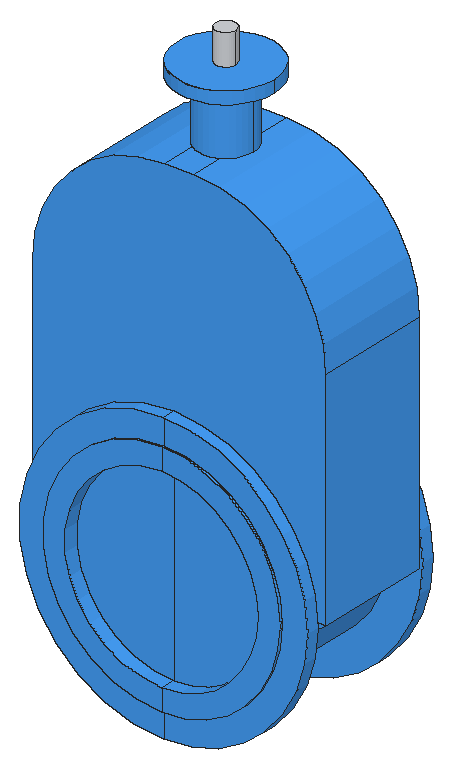
Revit family "ЗК РАШВОРК арт.102", category Арматура трубопроводов, Revit 2021
Family settings
  Размер круглого соединителя = Использовать диаметр
  Тип детали = Нормальный
  На основе рабочей плоскости = Нет
  Всегда вертикально = Да
  При загрузке вырезать с полостями = Нет
  Общий = Нет
Parameters (values of type "Задвижка с обрезиненным клином РАШВОРК 102-350-10, DN350, PN10, корпус GGG50, клин - GGG50, уплотнение - EPDM, Ф/Ф, ISO5211, с голым штоком")
  Отметка по умолчанию = 0 mm
  Корпус = GGG40
  Длина = 341.992 mm
  Высота = L / 2  # 145 mm
  f = 4 mm
  V1 = 530 mm
  URL = "https://rwru.ru/"
  L2 = 100 mm
  L1 = 210 mm
  L = 290 mm
  HH = 22 mm
  H2 = 60 mm
  H11 = 645 mm
  H1 = 775 mm
  H = 830 mm
  G = 429 mm
  DNсоединителя = 350 mm
  DN(D) = 36 mm
  DN = 350 mm
  D1 = 198 mm
  D(ISO) = 175 mm
  D = 520 mm
  B = 26.5 mm
  ADSK_Примечание = ""
  ADSK_Наименование краткое = "102-350-10"
  ADSK_Наименование = "Задвижка с обрезиненным клином РАШВОРК 102-350-10, DN350, PN10, корпус GGG50, клин - GGG50, уплотнение - EPDM, Ф/Ф, ISO5211, с голым штоком"
  ADSK_Масса = 228
  ADSK_Код изделия = ""
  ADSK_Завод-изготовитель = "ООО ТД \"РАШВОРК\""
  ADSK_Единица измерения = "шт"
Types (12, lengths in mm): name | Высота | f | V1 | L2 | L1 | L | HH | H11 | H1 | H | G | DNсоединителя | DN(D) | DN | D1 | D(ISO) | D | B | ADSK_Наименование краткое | ADSK_Наименование | ADSK_Масса
  (no name) | 145 | 4 | 530 | 100 | 210 | 290 | 22 | 645 | 775 | 830 | 429 | 350 | 36 | 350 | 198 | 175 | 520 | 26.5 | "102-350-10" | "Задвижка с обрезиненным клином РАШВОРК 102-350-10, DN350, PN10, корпус GGG50, клин - GGG50, уплотнение - EPDM, Ф/Ф, ISO5211, с голым штоком" | 228
  Задвижка с обрезиненным клином РАШВОРК 102-200-10, DN200, PN10, корпус GGG50, клин - GGG50, уплотнение - EPDM, Ф/Ф, ISO5211, с голым штоком | 115 | 3 | 310 | 100 | 150 | 230 | 22 | 320 | 408 | 469 | 266 | 200 | 30 | 200 | 110 | 175 | 340 | 20 | "102-200-10" | "Задвижка с обрезиненным клином РАШВОРК 102-200-10, DN200, PN10, корпус GGG50, клин - GGG50, уплотнение - EPDM, Ф/Ф, ISO5211, с голым штоком" | 55
  Задвижка с обрезиненным клином РАШВОРК 102-250-10, DN250, PN10, корпус GGG50, клин - GGG50, уплотнение - EPDM, Ф/Ф, ISO5211, с голым штоком | 125 | 3 | 370 | 100 | 170 | 250 | 22 | 390 | 497 | 558 | 319 | 250 | 30 | 250 | 125 | 175 | 405 | 22 | "102-250-10" | "Задвижка с обрезиненным клином РАШВОРК 102-250-10, DN250, PN10, корпус GGG50, клин - GGG50, уплотнение - EPDM, Ф/Ф, ISO5211, с голым штоком" | 80
  Задвижка с обрезиненным клином РАШВОРК 102-300-10, DN300, PN10, корпус GGG50, клин - GGG50, уплотнение - EPDM, Ф/Ф, ISO5211, с голым штоком | 135 | 4 | 410 | 100 | 170 | 270 | 22 | 480 | 584 | 645 | 370 | 300 | 30 | 300 | 164 | 175 | 460 | 24.5 | "102-300-10" | "Задвижка с обрезиненным клином РАШВОРК 102-300-10, DN300, PN10, корпус GGG50, клин - GGG50, уплотнение - EPDM, Ф/Ф, ISO5211, с голым штоком" | 111
  Задвижка с обрезиненным клином РАШВОРК 102-350-10, DN350, PN10, корпус GGG50, клин - GGG50, уплотнение - EPDM, Ф/Ф, ISO5211, с голым штоком | 145 | 4 | 530 | 100 | 210 | 290 | 22 | 645 | 775 | 830 | 429 | 350 | 36 | 350 | 198 | 175 | 520 | 26.5 | "102-350-10" | "Задвижка с обрезиненным клином РАШВОРК 102-350-10, DN350, PN10, корпус GGG50, клин - GGG50, уплотнение - EPDM, Ф/Ф, ISO5211, с голым штоком" | 228
  Задвижка с обрезиненным клином РАШВОРК 102-400-10, DN400, PN10, корпус GGG50, клин - GGG50, уплотнение - EPDM, Ф/Ф, ISO5211, с голым штоком | 155 | 4 | 595 | 100 | 210 | 310 | 28 | 692 | 842 | 897 | 480 | 400 | 36 | 400 | 220 | 175 | 580 | 28 | "102-400-10" | "Задвижка с обрезиненным клином РАШВОРК 102-400-10, DN400, PN10, корпус GGG50, клин - GGG50, уплотнение - EPDM, Ф/Ф, ISO5211, с голым штоком" | 257
  Задвижка с обрезиненным клином РАШВОРК 102-500-10, DN500, PN10, корпус GGG50, клин - GGG50, уплотнение - EPDM, Ф/Ф, ISO5211, с голым штоком | 175 | 4 | 700 | 130 | 284 | 350 | 26 | 920 | 1024 | 1084 | 582 | 500 | 40 | 500 | 275 | 210 | 715 | 31.5 | "102-500-10" | "Задвижка с обрезиненным клином РАШВОРК 102-500-10, DN500, PN10, корпус GGG50, клин - GGG50, уплотнение - EPDM, Ф/Ф, ISO5211, с голым штоком" | 387
  Задвижка с обрезиненным клином РАШВОРК 102-600-10, DN600, PN10, корпус GGG50, клин - GGG50, уплотнение - EPDM, Ф/Ф, ISO5211, с голым штоком | 195 | 5 | 775 | 130 | 312 | 390 | 26 | 1035 | 1177 | 1237 | 682 | 600 | 40 | 600 | 300 | 210 | 780 | 36 | "102-600-10" | "Задвижка с обрезиненным клином РАШВОРК 102-600-10, DN600, PN10, корпус GGG50, клин - GGG50, уплотнение - EPDM, Ф/Ф, ISO5211, с голым штоком" | 484
  Задвижка с обрезиненным клином РАШВОРК 102-700-10, DN700, PN10, корпус GGG50, клин - GGG50, уплотнение - EPDM, Ф/Ф, ISO5211, с голым штоком | 215 | 5 | 970 | 200 | 312 | 430 | 25 | 1290 | 1468 | 1532 | 794 | 700 | 60 | 700 | 380 | 300 | 910 | 39.5 | "102-700-10" | "Задвижка с обрезиненным клином РАШВОРК 102-700-10, DN700, PN10, корпус GGG50, клин - GGG50, уплотнение - EPDM, Ф/Ф, ISO5211, с голым штоком" | 820.4
  Задвижка с обрезиненным клином РАШВОРК 102-800-10, DN800, PN10, корпус GGG50, клин - GGG50, уплотнение - EPDM, Ф/Ф, ISO5211, с голым штоком | 235 | 5 | 1050 | 200 | 330 | 470 | 25 | 1470 | 1640 | 1705 | 901 | 800 | 65 | 800 | 430 | 300 | 1025 | 43 | "102-800-10" | "Задвижка с обрезиненным клином РАШВОРК 102-800-10, DN800, PN10, корпус GGG50, клин - GGG50, уплотнение - EPDM, Ф/Ф, ISO5211, с голым штоком" | 1130.4
  Задвижка с обрезиненным клином РАШВОРК 102-900-10, DN900, PN10, корпус GGG50, клин - GGG50, уплотнение - EPDM, Ф/Ф, ISO5211, с голым штоком | 255 | 5 | 1100 | 200 | 360 | 510 | 25 | 1580 | 1735 | 1800 | 1005 | 900 | 70 | 900 | 460 | 300 | 1125 | 46.5 | "102-900-10" | "Задвижка с обрезиненным клином РАШВОРК 102-900-10, DN900, PN10, корпус GGG50, клин - GGG50, уплотнение - EPDM, Ф/Ф, ISO5211, с голым штоком" | 1580.4
  Задвижка с обрезиненным клином РАШВОРК 102-1000-10, DN1000, PN10, корпус GGG50, клин - GGG50, уплотнение - EPDM, Ф/Ф, ISO5211, с голым штоком | 275 | 5 | 1260 | 200 | 382 | 550 | 25 | 1700 | 1853 | 1918 | 1112 | 1000 | 75 | 1000 | 500 | 300 | 1255 | 50 | "102-1000-10" | "Задвижка с обрезиненным клином РАШВОРК 102-1000-10, DN1000, PN10, корпус GGG50, клин - GGG50, уплотнение - EPDM, Ф/Ф, ISO5211, с голым штоком" | 2980.4
Reference planes
  plane 1 "По центру (Вперед/Назад)": y = 28.789
  plane 2: z = 0
  plane 3 "По центру (Влево/Вправо)": x = 0
  plane 4: y = 173.789
  plane 5: y = -116.211
  plane 6: z = 260
  plane 7: z = 214.5
  plane 8: z = 175
  plane 9: z = -175
  plane 10: z = -260
  plane 11: y = 147.289
  plane 12: y = 169.789
  plane 13: z = 198
  plane 14: y = 133.789
  plane 15: y = -76.211
  plane 16: z = 645
  plane 17: x = 265
  plane 18: x = -265
  plane 19: z = -214.5
  plane 20: z = -198
  plane 21: z = 775
  plane 22: z = 272
  plane 23: z = 753
  plane 24: y = 403.513
  plane 25: y = -495
  plane 26: z = 0
  plane 27: z = -72.5
  plane 28: z = 72.5
  plane 29: y = 173.789
  plane 30: y = -116.211
  plane 31: z = 830
Forms (mm)
  Revolve 1, solid, material "GGG40" <- "Корпус", detail levels fine
    sketch origin (0, 0, 0) x (0, 1, 0) y (0, 0, 1)
      loop
        line (173.789, 175) -> (173.789, 214.5) -> (169.789, 214.5) -> (169.789, 260) -> (147.289, 260) -> (147.289, 175) -> (173.789, 175)
      axis (173.789, 0) -> (147.289, 0)
    angle from 0 to 360
  Revolve 2, solid, material "GGG40" <- "Корпус", detail levels fine
    sketch origin (0, 0, 0) x (0, -1, 0) y (0, 0, -1)
      loop
        line (116.211, -175) -> (89.711, -175) -> (89.711, -260) -> (112.211, -260) -> (112.211, -214.5) -> (116.211, -214.5) -> (116.211, -175)
      axis (116.211, 0) -> (89.711, 0)
    angle from 0 to 360
  Revolve 3, solid, material "GGG40" <- "Корпус", detail levels fine
    sketch origin (0, 0, 0) x (0, 1, 0) y (0, 0, 1)
      loop
        line (147.289, 198) -> (-89.711, 198) -> (-89.711, 0) -> (147.289, 0) -> (147.289, 198)
      axis (147.289, 0) -> (-89.711, 0)
    angle from 0 to 360
  Extrusion 4, solid, material "GGG40" <- "Корпус", detail levels fine
    sketch origin (0, 28.789, 0) x (1, 0, 0) y (0, 0, 1)
      loop
        line (26, 645) -> (-26, 645)
        arc (-26, 645) -> (-194.999, 574.999) -> (-265, 406) r 239
        line (-265, 406) -> (-265, 0) -> (265, 0) -> (265, 406)
        arc (265, 406) -> (194.999, 574.999) -> (26, 645) r 239
    from -105 to 105
  Extrusion 5, solid, material "GGG40" <- "Корпус", detail levels fine
    sketch origin (0, 28.789, 0) x (1, 0, 0) y (0, 0, 1)
      loop
        line (265, 0) -> (-265, 0) -> (0, -198) -> (265, 0)
    from -105 to 105
  Extrusion 6, solid, material "GGG40" <- "Корпус", detail levels fine
    sketch origin (0, 0, 0) x (1, 0, 0) y (0, 1, 0)
      loop
        circle (0, 28.789) r 50
    from 645 to 753
  Extrusion 7, solid, material "GGG40" <- "Корпус", detail levels fine
    sketch origin (0, 0, 0) x (1, 0, 0) y (0, 1, 0)
      loop
        circle (0, 28.789) r 87.5
    from 753 to 775
  Extrusion 8, solid, detail levels fine
    sketch origin (0, 0, 0) x (1, 0, 0) y (0, 1, 0)
      loop
        circle (0, 28.789) r 18
    from 775 to 830
Lines and regions (mm)
  model lines, detail levels coarse+medium
    curve 1: line (0, 173.789, 72.5) -> (0, 28.789, 0)
    curve 2: line (0, 28.789, 0) -> (0, 173.789, -72.5)
    curve 3: line (0, 173.789, -72.5) -> (0, 173.789, 72.5)
    curve 4: line (0, -116.211, 72.5) -> (0, 28.789, 0)
    curve 5: line (0, 28.789, 0) -> (0, -116.211, -72.5)
    curve 6: line (0, -116.211, -72.5) -> (0, -116.211, 72.5)
    curve 7: line (0, 28.789, -72.5) -> (0, 28.789, 72.5)
Dimensions and locks
  equal spacing: plane 4, plane 1 "По центру (Вперед/Назад)", plane 5
  "L": plane 4 to plane 5
  equal spacing: plane 8, level, plane 9
  "DN": plane 8 to plane 9
  plane 7 to level = 214.5 mm
  equal spacing: plane 6, level, plane 10
  "D": plane 6 to plane 10
  "B": plane 4 to plane 11
  "f": plane 4 to plane 12
  "D1": plane 13 to level
  equal spacing: plane 14, plane 1 "По центру (Вперед/Назад)", plane 15
  "L1": plane 14 to plane 15
  "H11": plane 16 to level
  equal spacing: plane 18, plane 3 "По центру (Влево/Вправо)", plane 17
  "V1": plane 18 to plane 17
  "D1": plane 20 to level
  "H1": plane 21 to level
  "HH": plane 21 to plane 23
  equal spacing: plane 7, level, plane 19
  "G": plane 7 to plane 19
  "f": Revolve 2 to plane 5
  "B": Revolve 2 to plane 5
  equal spacing: plane 28, plane 26, plane 27
  "Высота": plane 28 to plane 27
  equal spacing: plane 29, plane 1 "По центру (Вперед/Назад)", plane 30
  "L": plane 29 to plane 30
  "H": plane 31 to level
  "L2": diameter of Extrusion 6 sketch curve
  "D(ISO)": diameter of Extrusion 7 sketch curve
  "DN(D)": diameter of Extrusion 8 sketch curve
  aligned and locked: level to plane 2
  aligned and locked: level to Revolve 1 sketch curve
  aligned and locked: Revolve 3 sketch curve to plane 13
  aligned and locked: Revolve 3 sketch curve to plane 11
  aligned and locked: Revolve 3 sketch curve to level
  aligned and locked: Revolve 2 to Revolve 3 sketch curve
  aligned and locked: plane 16 to Extrusion 4 sketch curve
  aligned and locked: Extrusion 4 sketch curve to plane 17
  aligned and locked: Extrusion 4 sketch curve to plane 2
  aligned and locked: Extrusion 4 sketch curve to plane 18
  aligned and locked: Extrusion 4 to plane 14
  aligned and locked: plane 15 to Extrusion 4
  aligned and locked: level to Extrusion 5 sketch curve
  aligned and locked: plane 20 to Extrusion 5 sketch curve
  aligned and locked: Extrusion 5 to plane 14
  aligned and locked: Extrusion 5 to plane 15
  aligned and locked: plane 3 "По центру (Влево/Вправо)" to Extrusion 6 sketch curve
  aligned and locked: plane 1 "По центру (Вперед/Назад)" to Extrusion 6 sketch curve
  aligned and locked: Extrusion 6 to plane 16
  aligned and locked: plane 23 to Extrusion 6
  aligned and locked: Revolve 2 sketch curve to plane 7
  aligned and locked: level to Extrusion 5
  aligned and locked: plane 27 to curve 2
  aligned and locked: plane 1 "По центру (Вперед/Назад)" to curve 2
  aligned and locked: curve 3 to plane 29
  aligned and locked: level to plane 26
  aligned and locked: plane 1 "По центру (Вперед/Назад)" to curve 7
  aligned and locked: level to curve 5
  aligned and locked: curve 1 to Extrusion 7 sketch curve
  aligned and locked: plane 1 "По центру (Вперед/Назад)" to Extrusion 7 sketch curve
  aligned and locked: plane 23 to Extrusion 7
  aligned and locked: plane 21 to Extrusion 7
  aligned and locked: curve 1 to Extrusion 8 sketch curve
  aligned and locked: plane 1 "По центру (Вперед/Назад)" to Extrusion 8 sketch curve
  aligned and locked: Extrusion 8 to plane 21
  aligned and locked: plane 31 to Extrusion 8
Automatic sketch dimensions
  Revolve 1 sketch curve to plane 8 = 0 mm
  Revolve 1 sketch curve to plane 11 = 0 mm
  Revolve 1 sketch curve to plane 6 = 0 mm
  Revolve 1 sketch curve to plane 12 = 0 mm
  Revolve 1 sketch curve to plane 4 = 0 mm
  Revolve 1 sketch curve to plane 7 = 0 mm
  plane 5 to Revolve 1 sketch curve = 180 mm
  Revolve 1 sketch curve to plane 4 = 60 mm
  Extrusion 4 sketch curve to plane 3 "По центру (Влево/Вправо)" = 26 mm
  plane 3 "По центру (Влево/Вправо)" to Extrusion 4 sketch curve = 26 mm
  plane 18 to Extrusion 5 sketch curve = 0 mm
  Extrusion 5 sketch curve to plane 3 "По центру (Влево/Вправо)" = 0 mm
  plane 17 to Extrusion 5 sketch curve = 0 mm
  Revolve 2 sketch curve to level = 0 mm
  Revolve 2 sketch curve to plane 8 = 0 mm
  Revolve 2 sketch curve to plane 6 = 0 mm
  Revolve 2 sketch curve to plane 5 = 0 mm
  Revolve 2 sketch curve to plane 5 = 4 mm
  plane 15 to Revolve 2 sketch curve = 13.5 mm
  Revolve 2 sketch curve to plane 29 = 26.211 mm
  plane 5 to Revolve 2 sketch curve = 60 mm
  Revolve 3 sketch curve to level = 0 mm
  Revolve 3 sketch curve to plane 30 = 14.789 mm
  Revolve 3 sketch curve to plane 4 = 76 mm
  curve 6 to plane 27 = 0 mm
  curve 6 to plane 30 = 0 mm
  curve 1 to plane 28 = 0 mm
  curve 6 to plane 28 = 0 mm
  curve 7 to plane 28 = 0 mm
  curve 7 to plane 27 = 0 mm
Connectors
  piping at (0, -116.211, 0), diameter 350, driven by "DNсоединителя"
    settings: on Revolve 2, index 1, connector inside diameter 609.6 mm, connector length 0 mm, flow factor 0, pipe flow 0.0 L/s, pressure drop 0.0 Pa, fitting loss kfactor 0, connector angle 0.00°, fixture units 0, engagement length 0 mm, angle of deflection 0.00°, flow configuration 0, flow direction 0, fitting loss method 0, system type 7, joint type 0, gender type 0, connector reference index -1, connector utility 0, adjustable connector no, is connector primary yes, connector description ""
  piping at (0, 173.789, 0), diameter 350, driven by "DNсоединителя"
    settings: on Revolve 1, index 2, connector inside diameter 609.6 mm, connector length 0 mm, flow factor 0, pipe flow 0.0 L/s, pressure drop 0.0 Pa, fitting loss kfactor 0, connector angle 0.00°, fixture units 0, engagement length 0 mm, angle of deflection 0.00°, flow configuration 0, flow direction 0, fitting loss method 0, system type 7, joint type 0, gender type 0, connector reference index -1, connector utility 0, adjustable connector no, is connector primary no, connector description ""
